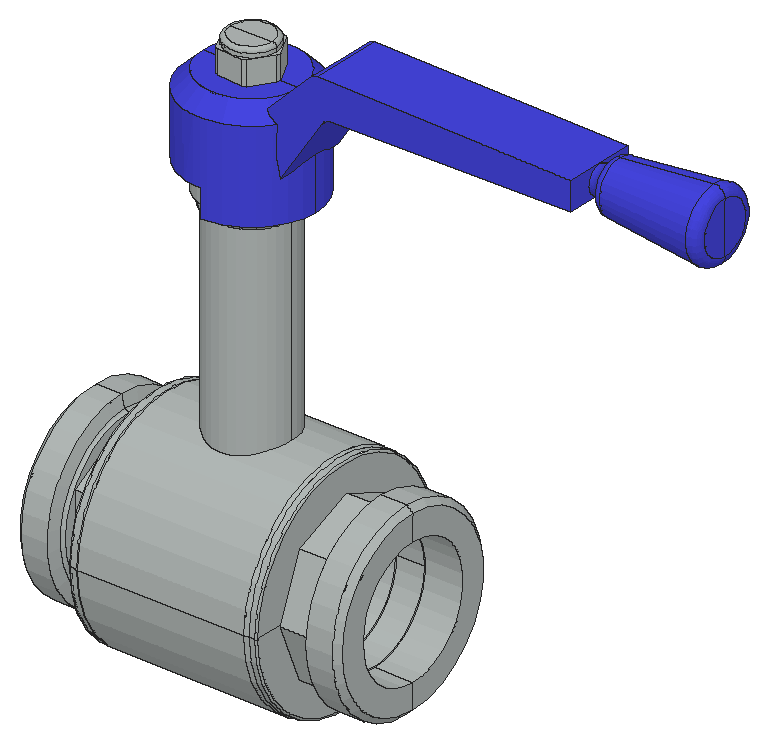
Revit family "QD03190000", category Apparecchi idraulici, Revit 2020
Family settings
  Quota connettore circolare = Usa diametro
  Tipo di parte = Normale
  Numero OmniClass = 23.45.00.00
  Titolo OmniClass = Sanitary, Laundry, and Cleaning Equipment
  Basato su piano di lavoro = No
  Sempre verticale = Sì
  Taglio con vuoti quando caricato = No
  Condiviso = No
  Punto di calcolo locali = No
Parameters
  URL = "https://web.cimberio.it/index.php/figura/1076?subcategoria_id=82"
  Temperatura di esercizio = "-20 ÷ 150°C"
  Prospetto di default = 0 mm
  Produttore = "CIMBERIO SPA"
  Pressione nominale = "PN 32"
  Modello = "Cim 352L"
  Materiale = "Prodotto in lega di ottone “CR” – “DZR\" conforme alla norma EN 12165-CW511L-DW"
  Descrizione = "Utilizzato nei più svariati settori dell'impiantistica: impianti di riscaldamento, condizionamento, idrici, igienico-sanitari, aria compressa e in generale con ogni fluido non corrosivo"
  DN Model [instance] = QD03191041 : QD03191041
  DN [instance] = 32 mm
  Commenti sul tipo = "Realizzato in ottemperanza ai requisiti gestionali della norma EN ISO 9001.\r\nCollaudato al 100% secondo la normativa EN 12266-1"
Reference planes
  plane 1 "Centro (Fronte/Retro)": y = 0
  plane 2: z = 0
  plane 3 "Centro (Sinistra/Destra)": x = 0
Dimensions and locks
  aligned and locked: level to plane 2
Nested families
  nested 1: "QD03191041" at (0, 0, 0), type <- "DN Model", type "QD03191041"
    with DN 10 mm
  nested 2: "QD03191041" at (0, 0, 0), type <- "DN Model", type "QD03191041"
    with DN 10 mm
  nested 3: "QD03191041" at (0, 0, 0), type <- "DN Model", type "QD03191041"
    with DN 10 mm
  nested 4: "QD03191041" at (0, 0, 0), type <- "DN Model", type "QD03191041"
    with DN 10 mm
  nested 5: "QD03191041" at (0, 0, 0), type <- "DN Model", type "QD03191041"
    with DN 10 mm
  nested 6: "QD03191041" at (0, 0, 0), type <- "DN Model", type "QD03191041"
    with DN 10 mm
  nested 7: "QD03191041" at (0, 0, 0), type <- "DN Model", type "QD03191041"
    with DN 10 mm
  nested 8: "QD03191041" at (0, 0, 0), type <- "DN Model", type "QD03191041"
    with DN 10 mm
Connectors
  piping at (40.85, 0, 0), diameter 32, driven by "DN"
    settings: on nested 1, index 1, connector inside diameter 609.6 mm, connector length 0 mm, flow factor 0, pipe flow 0.0 L/s, pressure drop 0.0 Pa, fitting loss kfactor 0, connector angle 0.00°, fixture units 0, engagement length 0 mm, angle of deflection 0.00°, flow configuration 0, flow direction 0, fitting loss method 0, system type 7, joint type 0, gender type 0, connector reference index -1, connector utility 0, adjustable connector no, is connector primary yes, connector description ""
  piping at (-40.85, 0, 0), diameter 32, driven by "DN"
    settings: on nested 1, index 2, connector inside diameter 609.6 mm, connector length 0 mm, flow factor 0, pipe flow 0.0 L/s, pressure drop 0.0 Pa, fitting loss kfactor 0, connector angle 0.00°, fixture units 0, engagement length 0 mm, angle of deflection 0.00°, flow configuration 0, flow direction 0, fitting loss method 0, system type 7, joint type 0, gender type 0, connector reference index -1, connector utility 0, adjustable connector no, is connector primary no, connector description ""
Definition of nested family "QD03191041"
  Parameters (values of type "QD03191041")
    Default Elevation = 0 mm
    DN [instance] = 10 mm  # constant formula
  Reference planes
    plane 1 "Centro (Fronte/Retro)": y = 0
    plane 2: z = 0
    plane 3 "Centro (Sinistra/Destra)": x = 0
  Forms (mm)
    Revolve 1, solid
      sketch origin (0, 0, 0) x (1, 0, 0) y (0, 1, 0)
        loop
          arc (23.85, 27.75) -> (23.704, 28.104) -> (23.35, 28.25) r 0.5
          line (23.35, 28.25) -> (21.828, 28.25) -> (20.895, 28.5) -> (-21.151, 28.5) -> (-21.969, 28.25) -> (-23.35, 28.25)
          arc (-23.35, 28.25) -> (-23.704, 28.104) -> (-23.85, 27.75) r 0.5
          line (-23.85, 27.75) -> (-23.85, 16) -> (23.85, 16) -> (23.85, 27.75)
        axis (-23.85, 0) -> (23.85, 0)
      angle from 0 to 360
    Revolve 2, solid
      sketch origin (0, 0, 18.5) x (1, 0, 0) y (0, 0, 1)
        loop
          line (0, 69) -> (0, -1.967) -> (10.25, -1.967) -> (10.25, 60)
          arc (10.25, 60) -> (10.783, 60.251) -> (11, 60.798) r 0.8
          line (11, 60.798) -> (11, 69) -> (0, 69)
        axis (0, 69) -> (0, -1.967)
      angle from 0 to 360
    Extrusion 3, solid
      sketch origin (0, 0, 18.5) x (1, 0, 0) y (0, 0, 1)
        loop
          line (-16.001, 69) -> (-16.001, 63.767)
          arc (-16.001, 63.767) -> (-15.794, 63.159) -> (-15.26, 62.801) r 1
          line (-15.26, 62.801) -> (-9.887, 61.362) -> (-9.887, 69) -> (-16.001, 69)
      from 0 to 1.289
    Extrusion 4, solid
      sketch origin (0, 0, 47.05) x (1, 0, 0) y (0, 1, 0)
        loop
          line (5.202, 9.01) -> (-5.202, 9.01) -> (-10.404, 0) -> (-5.202, -9.01) -> (5.202, -9.01) -> (10.404, 0) -> (5.202, 9.01)
      from 40.45 to 48.35
    Extrusion 5, solid
      sketch origin (-11, 0, 0) x (0, 0, 1) y (0, 1, 0)
        loop
          circle (0, 0) r 16
        loop
          line (20, 0) -> (10, 17.321) -> (-10, 17.321) -> (-20, 0) -> (-10, -17.321) -> (10, -17.321) -> (20, 0)
      from 12.85 to 20.083
    Revolve 6, solid
      sketch origin (0, 0, 0) x (1, 0, 0) y (0, 0, 1)
        loop
          line (0, 109) -> (-12.25, 109) -> (-16.25, 105) -> (-16.171, 82) -> (0, 82) -> (0, 109)
        axis (0, 109) -> (0, 82)
      angle from 0 to 360
    Extrusion 7, solid
      sketch origin (0, 0, 0) x (1, 0, 0) y (0, 0, 1)
        loop
          line (11.393, 107.893) -> (14.666, 93.047) -> (25.275, 109.383)
          arc (25.275, 109.383) -> (26.161, 110.209) -> (27.331, 110.521) r 2.5
          line (27.331, 110.521) -> (88.127, 111.5) -> (88.127, 118.5) -> (24.058, 119.484)
          arc (24.058, 119.484) -> (22.936, 119.24) -> (22.032, 118.532) r 2.573
          line (22.032, 118.532) -> (11.393, 107.893)
      from -9.01 to 9.01
    Revolve 8, solid
      sketch origin (0, 0, 0) x (1, 0, 0) y (0, 0, 1)
        loop
          line (5.25, 117) -> (0, 117) -> (0, 115) -> (6.25, 115) -> (6.25, 116)
          arc (6.25, 116) -> (5.957, 116.707) -> (5.25, 117) r 1
        axis (0, 117) -> (0, 115)
      angle from 0 to 360
    Revolve 9, solid
      sketch origin (0, 0, 0) x (1, 0, 0) y (0, 0, 1)
        loop
          line (88.127, 115) -> (120, 115) -> (120, 121.527)
          arc (120, 121.527) -> (119.173, 123.37) -> (117.254, 124) r 2.5
          line (117.254, 124) -> (93.442, 121.643)
          arc (93.442, 121.643) -> (92.263, 121.237) -> (91.467, 120.276) r 2.305
          arc (91.467, 120.276) -> (90.021, 118.967) -> (88.127, 118.5) r 3.99
          line (88.127, 118.5) -> (88.127, 115)
        axis (88.127, 115) -> (120, 115)
      angle from 0 to 360
    Extrusion 10, solid
      sketch origin (0, 0, 28.55) x (1, 0, 0) y (0, 1, 0)
        loop
          line (-2.825, 6.677) -> (-3.663, 6.257) -> (-7.195, 0.892) -> (-7.25, -0.044) -> (-4.37, -5.785) -> (-3.587, -6.301) -> (2.825, -6.677) -> (3.663, -6.257) -> (7.195, -0.892) -> (7.25, 0.044) -> (4.37, 5.785) -> (3.587, 6.301) -> (-2.825, 6.677)
      from 80.45 to 86.45
    Extrusion 11, void
      sketch origin (0, 0, 28.55) x (1, 0, 0) y (0, 1, 0)
        loop
          line (-12.25, 0) -> (-17.25, 0)
          arc (-17.25, 0) -> (-12.198, -12.198) -> (0, -17.25) r 17.25
          line (0, -17.25) -> (0, -12.25)
          arc (0, -12.25) -> (-8.662, -8.662) -> (-12.25, 0) r 12.25
      from 52.097 to 60.45
    Revolve 12, solid
      sketch origin (0, 0, 0) x (1, 0, 0) y (0, 0, 1)
        loop
          line (-40.85, 16) -> (-31.083, 16) -> (-31.083, 19.99)
          arc (-31.083, 19.99) -> (-31.693, 20.194) -> (-32.049, 20.731) r 0.989
          line (-32.049, 20.731) -> (-32.827, 23.74) -> (-39.35, 23.74) -> (-40.85, 22.24) -> (-40.85, 16)
        axis (-40.85, 0) -> (-31.083, 0)
      angle from 0 to 360
    Extrusion 13, solid
      sketch origin (11, 0, 0) x (0, 0, 1) y (0, -1, 0)
        loop
          circle (0, 0) r 16
        loop
          line (21.05, 0) -> (14.885, 14.885) -> (0, 21.05) -> (-14.885, 14.885) -> (-21.05, 0) -> (-14.885, -14.885) -> (0, -21.05) -> (14.885, -14.885) -> (21.05, 0)
      from 12.85 to 20.083
    Revolve 14, solid
      sketch origin (0, 0, 0) x (-1, 0, 0) y (0, 0, -1)
        loop
          line (-40.85, -16) -> (-40.85, -22.24) -> (-39.35, -23.74) -> (-32.827, -23.74) -> (-32.22, -21.395)
          arc (-32.22, -21.395) -> (-31.705, -21.044) -> (-31.083, -21.027) r 1.108
          line (-31.083, -21.027) -> (-31.083, -16) -> (-40.85, -16)
        axis (-40.85, 0) -> (-31.083, 0)
      angle from 0 to 360
  Cuts and joins
    Extrusion 11 cuts Revolve 6
  Dimensions and locks
    aligned and locked: level to plane 2
